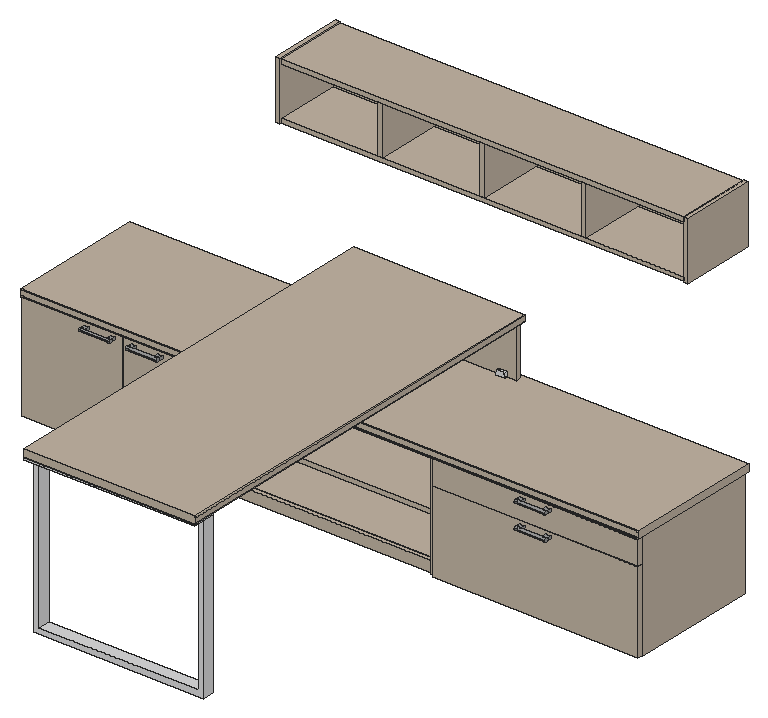
Revit family "JSI-Vision-Typical_Laminate-VST120", category Furniture, Revit 2020 (continued)
Definition of nested family "JSI-Vision-Metal_Rectangular_Base"
  Reference planes (in)
    plane 2: z = 0
    plane 3 "Center Left/Right": x = 0
    plane 4: z = 0
    plane 5: z = 28.3125
    plane 6: x = -3
    plane 7: x = -1
    plane 8: y = -29.8125
    plane 9: x = 1
    plane 10: z = 28.0625
    plane 11: y = -2
    plane 12: y = -27.8125
  Forms (in)
    Sweep 1, solid, material <- "Base Finish"
      path origin (0, 0, 0) x (0, 1, 0) y (0, 0, 1)
        loop
          line (-29.8125, 28.0625) -> (-29.8125, 0.25) -> (0, 0.25) -> (0, 28.0625)
      profile origin (0, -29.8125, 14.15625) x (1, 0, 0) y (0, 1, 0)
        loop
          line (-1, 1) -> (-1, 0) -> (1, 0) -> (1, 1) -> (-1, 1)
    Extrusion 2, solid, material <- "Base Finish"
      sketch origin (0, 0, 0) x (1, 0, 0) y (0, 1, 0)
        loop
          line (-3, 0) -> (-3, -29.8125) -> (1, -29.8125) -> (1, 0) -> (-3, 0)
      from 28.3125 to 28.0625
    Revolve 3, solid, material <- "Glide Finish"
      sketch origin (0, 0, 0) x (0, 1, 0) y (0, 0, 1)
        loop
          line (-2, 0.75) -> (-2, 0) -> (-1.76145, 0)
          arc (-1.76145, 0) -> (-1.7185, 0.01649) -> (-1.69761, 0.05748) r 0.06418
          line (-1.69761, 0.05748) -> (-1.67738, 0.25) -> (-1.90202, 0.25) -> (-1.90202, 0.75) -> (-2, 0.75)
        axis (-2, 0.75) -> (-2, 0)
      angle from 0 to 360
    Revolve 4, solid, material <- "Glide Finish"
      sketch origin (0, 0, 0) x (0, 1, 0) y (0, 0, 1)
        loop
          line (-27.8125, 0.75) -> (-27.8125, 0) -> (-27.57395, 0)
          arc (-27.57395, 0) -> (-27.531, 0.01649) -> (-27.51011, 0.05748) r 0.06418
          line (-27.51011, 0.05748) -> (-27.48988, 0.25) -> (-27.71452, 0.25) -> (-27.71452, 0.75) -> (-27.8125, 0.75)
        axis (-27.8125, 0.75) -> (-27.8125, 0)
      angle from 0 to 360
  Lines and regions (in)
    symbolic lines
      curve 1: line (-3, 0, 0) -> (-3, -29.8125, 0)
      curve 2: line (-3, -29.8125, 0) -> (1, -29.8125, 0)
      curve 3: line (1, -29.8125, 0) -> (1, 0, 0)
      curve 4: line (1, 0, 0) -> (-3, 0, 0)
      curve 5: line (-1, 0, 0) -> (-1, -29.8125, 0)
  Dimensions and locks (in)
    equal spacing: plane 7, plane 3 "Center Left/Right", plane 9, locked at 1 each
    "Width": plane 1 "Center Front/Back" to plane 8
    "Height": plane 5 to plane 4
    locked: plane 10 to plane 5 at 0.25
    locked: Sweep 1 sketch curve to plane 4 at 0.25
    locked: plane 8 to Sweep 1 sketch curve at 1
    locked: plane 1 "Center Front/Back" to plane 11 at 2
    locked: plane 12 to plane 8 at 2
    Revolve 3 sketch curve to Revolve 3 sketch curve to Revolve 3 sketch curve to plane 4 = 1/2" locked, 0.18582" locked, 0.06418" locked
    plane 11 to Revolve 3 sketch curve to Revolve 3 sketch curve to Revolve 3 sketch curve = 0.09798" locked, 0.14057" locked, 0.08407" locked
    Revolve 4 sketch curve to Revolve 4 sketch curve to Revolve 4 sketch curve = 1/2" locked, 0.18582" locked
    Revolve 4 sketch curve to Revolve 4 sketch curve to Revolve 4 sketch curve to Revolve 4 sketch curve = 0.09798" locked, 0.14057" locked, 0.08407" locked
    "Depth": plane 7 to plane 9
    locked: plane 6 to plane 7 at 2
    aligned and locked: level to plane 2
    aligned and locked: plane 10 to Sweep 1 sketch curve  (x2)
    aligned and locked: plane 9 to Sweep 1 sketch curve
    aligned and locked: plane 8 to Sweep 1 sketch curve
    aligned and locked: Extrusion 2 sketch curve to plane 1 "Center Front/Back"
    aligned and locked: Extrusion 2 sketch curve to plane 8
    aligned and locked: Extrusion 2 sketch curve to plane 9
    aligned and locked: Revolve 3 sketch curve to plane 11
    aligned and locked: plane 11 to Revolve 3 sketch curve
    aligned and locked: plane 12 to Revolve 4 sketch curve  (x2)
    aligned and locked: plane 3 "Center Left/Right" to Revolve 3
    aligned and locked: plane 3 "Center Left/Right" to Revolve 4
    aligned and locked: Sweep 1 sketch curve to plane 7
    aligned and locked: plane 6 to Extrusion 2
    aligned and locked: Extrusion 2 to plane 9
    aligned and locked: curve 1 to Extrusion 2
    aligned and locked: curve 2 to Extrusion 2
    aligned and locked: curve 3 to Extrusion 2
    aligned and locked: curve 4 to Extrusion 2
    aligned and locked: curve 5 to Sweep 1
  Automatic sketch dimensions
    Sweep 1 sketch curve to plane 8 = 0"
    Sweep 1 sketch curve to plane 1 "Center Front/Back" = 0"
    Extrusion 2 sketch curve to plane 8 = 0"
    Revolve 3 sketch curve to level = 0"
    level to Revolve 3 sketch curve = 0.05748"
    Revolve 3 sketch curve to level = 0.22225"
    Revolve 3 sketch curve to Revolve 3 sketch curve = 0.09538"
    Revolve 4 sketch curve to level = 0"
    level to Revolve 4 sketch curve = 0.05748"
    Revolve 4 sketch curve to Revolve 4 sketch curve = 0.06383"
    Revolve 4 sketch curve to level = 0.22225"
    Revolve 4 sketch curve to Revolve 4 sketch curve = 0.09538"
    plane 7 to Extrusion 2 sketch curve = 2"
Definition of nested family "JSI-Vision-Support_Rail_Work_Surface"
  Parameters (values of type "GP0243SB, Metal Support Rail for Work Surface  2W 43 L 3/4H")
    Width = 43"
    URL = "www.jsifurniture.com"
    Type Comments = ""
    Series = "Vision Casegoods"  # constant formula
    Support Finish = none
    Model = "GP0243SB"
    Material = ""
    Manufacturer = "JSI"  # constant formula
    Keynote = "12500"  # constant formula
    JSI Enviromental Website = "http://www.jsifurniture.com/jsi_sustainability_intro.php"
    Height = 25/32"
    Description = "Metal Support Rail for Work Surface  2W 43 L 3/4H"
    Depth = 2"
    Default Elevation = 0"
    Assembly Code = "E2020200"
  Types (3): name | Width | Model | Description
    GP0243SB, Metal Support Rail for Work Surface  2W 43 L 3/4H | 43" | "GP0243SB" | "Metal Support Rail for Work Surface  2W 43 L 3/4H"
    GP0249SB, Metal Support Rail for Work Surface  2W49 L 3/4H | 49" | "GP0249SB" | "Metal Support Rail for Work Surface  2W49 L 3/4H"
    GP0255SB, Metal Support Rail for Work Surface  2W 55 L 3/4H | 55" | "GP0255SB" | "Metal Support Rail for Work Surface  2W 55 L 3/4H"
  Reference planes (in)
    plane 1 "Center Front/Back": y = 0
    plane 2: z = 0
    plane 3 "Center Left/Right": x = 0
    plane 4: z = 0
    plane 5: z = 27.81222
    plane 6: x = 43
    plane 7: y = -2
  Forms (in)
    Extrusion 1, solid, material <- "Support Finish"
      sketch origin (0, 0, 0) x (0, 1, 0) y (0, 0, 1)
        loop
          line (0, 27.74972) -> (0, 27.81222) -> (-0.53345, 27.81222) -> (-1, 27.11239) -> (-1.46655, 27.81222) -> (-2, 27.81222) -> (-2, 27.74972) -> (-1.5, 27.74972) -> (-1.04048, 27.06043)
          arc (-1.04048, 27.06043) -> (-1, 27.03877) -> (-0.95952, 27.06043) r 0.04865
          line (-0.95952, 27.06043) -> (-0.5, 27.74972) -> (0, 27.74972)
      from 0 to 43
  Lines and regions (in)
    symbolic lines
      curve 1: line (0, 0, 0) -> (43, 0, 0)
      curve 2: line (0, -2, 0) -> (0, 0, 0)
      curve 3: line (43, -2, 0) -> (0, -2, 0)
      curve 4: line (43, 0, 0) -> (43, -2, 0)
      curve 5: line (0, -1.46655, 0) -> (43, -1.46655, 0)
      curve 6: line (43, -0.53345, 0) -> (0, -0.53345, 0)
      curve 7: line (0, -1, 0) -> (43, -1, 0)
  Dimensions and locks (in)
    "Width": plane 3 "Center Left/Right" to plane 6
    "Depth": plane 1 "Center Front/Back" to plane 7
    aligned and locked: level to plane 2
    aligned and locked: plane 4 to plane 2
    aligned and locked: Extrusion 1 to plane 3 "Center Left/Right"
    aligned and locked: plane 6 to Extrusion 1
    aligned and locked: plane 3 "Center Left/Right" to curve 2
    aligned and locked: curve 4 to plane 6
    aligned and locked: plane 1 "Center Front/Back" to curve 1
    aligned and locked: plane 7 to curve 3
    aligned and locked: curve 5 to Extrusion 1
    aligned and locked: curve 6 to Extrusion 1
    aligned and locked: curve 7 to Extrusion 1
  Automatic sketch dimensions
    Extrusion 1 sketch curve to plane 7 = 0"
    Extrusion 1 sketch curve to plane 5 = 0"  (x2)
    Extrusion 1 sketch curve to plane 1 "Center Front/Back" = 0"
    Extrusion 1 sketch curve to plane 5 = 1/16"  (x2)
    Extrusion 1 sketch curve to Extrusion 1 sketch curve = 1/2"
    Extrusion 1 sketch curve to Extrusion 1 sketch curve = 0.03345"  (x2)
    Extrusion 1 sketch curve to Extrusion 1 sketch curve = 0.45952"
    Extrusion 1 sketch curve to Extrusion 1 sketch curve = 0.04048"  (x2)
    Extrusion 1 sketch curve to Extrusion 1 sketch curve = 0"
    Extrusion 1 sketch curve to Extrusion 1 sketch curve = 0.53345"
    Extrusion 1 sketch curve to plane 5 = 0.69983"
    Extrusion 1 sketch curve to Extrusion 1 sketch curve = 0.02498"
    Extrusion 1 sketch curve to Extrusion 1 sketch curve = 0.02698"
